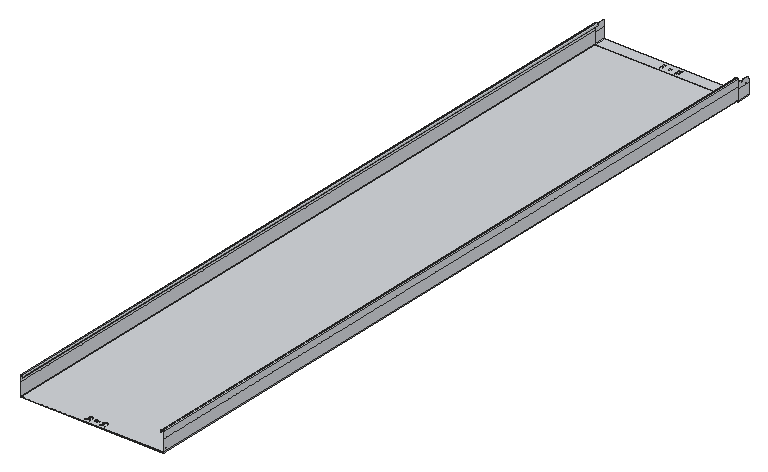
Revit family "SKSMUKabelrinne SKS-Magic® 85 ungelocht FS_FT_830_840_850_860", category Generic Models, Revit 2017
Family settings
  Can host rebar = No
  Round Connector Dimension = Use Diameter
  Part Type = Normal
  Work Plane-Based = No
  Always vertical = Yes
  Cut with Voids When Loaded = No
  Shared = No
  Room Calculation Point = No
Parameters (values of type "SKSMU 860 FT")
  Width 2 = 6.5 mm
  Width 1 = Width / 2  # 300 mm
  Width = 600 mm
  URL = "http://www.obo-bettermann.com"
  Material = Hot dip galvanised
  Manufacturer Art.No. = "6059791"
  Manufacturer = "OBO BETTERMANN"
  Length 2 = 49.812 mm
  Length 1 = 3000 mm
  Length = 3050 mm
  Height = 85 mm
  GTIN = "4012195833673"
  Cut's number = 2
  Article Type = "SKSMU 860 FT"
Types (9, lengths in mm): name | Width 1 | Width | Material | Manufacturer Art.No. | GTIN | Article Type
  (no name) | 300 | 600 | Hot dip galvanised | "6059791" | "4012195833673" | "SKSMU 860 FT"
  SKSMU 830 FS | 150 | 300 | Strip-galvanised | "6059768" | "4012195833505" | "SKSMU 830 FS"
  SKSMU 830 FT | 150 | 300 | Hot dip galvanised | "6059785" | "4012195833628" | "SKSMU 830 FT"
  SKSMU 840 FS | 200 | 400 | Strip-galvanised | "6059770" | "4012195833512" | "SKSMU 840 FS"
  SKSMU 840 FT | 200 | 400 | Hot dip galvanised | "6059787" | "4012195833635" | "SKSMU 840 FT"
  SKSMU 850 FS | 250 | 500 | Strip-galvanised | "6059772" | "4012195833529" | "SKSMU 850 FS"
  SKSMU 850 FT | 250 | 500 | Hot dip galvanised | "6059789" | "4012195833642" | "SKSMU 850 FT"
  SKSMU 860 FS | 300 | 600 | Strip-galvanised | "6059774" | "4012195833550" | "SKSMU 860 FS"
  SKSMU 860 FT | 300 | 600 | Hot dip galvanised | "6059791" | "4012195833673" | "SKSMU 860 FT"
Reference planes
  plane 1 "Center (Front/Back)": y = 0
  plane 2: z = 0
  plane 3 "Center (Left/Right)": x = 0
  plane 4: x = -31
  plane 5: x = 31
  plane 6: z = -3.5
  plane 7: y = 3050
  plane 8: z = -5.8
  plane 9: x = -31
  plane 10: x = 31
  plane 11: z = -5.8
  plane 12: x = 0.74
  plane 13: y = 3024.58
  plane 14: y = 3024.58
  plane 15: x = -31
  plane 16: x = 31
  plane 17: x = 0
  plane 18: y = 3032.58
  plane 19: y = 3016.58
  plane 20 "2": x = -5
  plane 21 "1": y = 29.1
  plane 22: y = 21.1
  plane 23: x = 6
  plane 24: x = 6
  plane 25: x = -3
  plane 26: z = 83.7
  plane 27: z = -2.3
  plane 28: z = -2.3
  plane 29: z = 74.7
  plane 30: z = 71.45
  plane 31: z = 13.2
  plane 32: y = 3035
  plane 33: y = 3035
  plane 34: z = 54.6
  plane 35: y = 3020
  plane 36: y = 3015
  plane 37: y = 3012
  plane 38: y = 3020
  plane 39: z = 47.25
  plane 40: y = 3035
  plane 41: z = 13.206
  plane 42: z = 54.6
  plane 43: y = 3035
  plane 44: y = 3047
  plane 45: y = 3020
  plane 46: y = 3020
  plane 47: y = 3015
  plane 48: y = 3012
  plane 49: y = 14.7
  plane 50: z = 14
Forms (mm)
  Extrusion 1, solid
    sketch origin (0, 0, 0) x (1, 0, 0) y (0, 0, 1)
      loop
        line (-297.715, 0) -> (297.503, 0)
        arc (297.503, 0) -> (299.269, 0.731) -> (300, 2.497) r 2.497
        line (300, 2.497) -> (300, 54.379) -> (300, 77.652)
        arc (300, 77.652) -> (294, 83.652) -> (288, 77.652) r 6
        line (288, 77.652) -> (288, 74.7) -> (289.5, 74.7) -> (289.5, 77.652)
        arc (289.5, 77.652) -> (294, 82.152) -> (298.5, 77.652) r 4.5
        line (298.5, 77.652) -> (298.5, 54.379) -> (298.5, 2.497)
        arc (298.5, 2.497) -> (298.208, 1.792) -> (297.503, 1.5) r 0.997
        line (297.503, 1.5) -> (-297.641, 1.5)
        arc (-297.641, 1.5) -> (-298.248, 1.752) -> (-298.5, 2.359) r 0.859
        line (-298.5, 2.359) -> (-298.5, 54.354) -> (-298.5, 77.765)
        arc (-298.5, 77.765) -> (-294, 82.265) -> (-289.5, 77.765) r 4.5
        line (-289.5, 77.765) -> (-289.5, 74.7) -> (-288.074, 74.7) -> (-288.074, 76.824)
        arc (-288.074, 76.824) -> (-293.528, 83.747) -> (-300, 77.765) r 6
        line (-300, 77.765) -> (-300, 54.354) -> (-300, 2.285)
        arc (-300, 2.285) -> (-299.331, 0.669) -> (-297.715, 0) r 2.285
    from 0 to -3000.188
  Extrusion 2, solid
    sketch origin (0, 0, 0) x (1, 0, 0) y (0, 0, 1)
      loop
        line (-300, 46.42) -> (-300, 71.48) -> (-302.3, 71.48) -> (-302.3, 46.45) -> (-302.3, 2.5)
        arc (-302.3, 2.5) -> (-300.894, -0.894) -> (-297.5, -2.3) r 4.8
        line (-297.5, -2.3) -> (297.5, -2.3)
        arc (297.5, -2.3) -> (300.894, -0.894) -> (302.3, 2.5) r 4.8
        line (302.3, 2.5) -> (302.3, 46.45) -> (302.3, 71.45) -> (300, 71.45) -> (300, 46.45) -> (300, 2.5)
        arc (300, 2.5) -> (299.268, 0.732) -> (297.5, 0) r 2.5
        line (297.5, 0) -> (-297.746, 0)
        arc (-297.746, 0) -> (-299.34, 0.66) -> (-300, 2.254) r 2.254
        line (-300, 2.254) -> (-300, 46.42)
    from -3050 to -3000.188
  Extrusion 3, solid
    sketch origin (0, 0, 0) x (1, 0, 0) y (0, 0, 1)
      loop
        line (-31.068, -5.761) -> (-21.09, 0) -> (-25.554, 0) -> (-31, -3.144) -> (-36.446, 0) -> (-41.046, 0) -> (-31.068, -5.761)
      loop
        line (31, -5.8) -> (41.046, 0) -> (36.446, 0) -> (31, -3.144) -> (25.554, 0) -> (20.954, 0) -> (31, -5.8)
    from -36.35 to -29.85
  Extrusion 4, solid
    sketch origin (0, 0, 0) x (1, 0, 0) y (0, 0, 1)
      loop
        line (-41.046, 0) -> (-31.068, -5.761) -> (-21.09, 0) -> (-25.554, 0) -> (-31, -3.144) -> (-36.446, 0) -> (-41.046, 0)
      loop
        line (20.954, 0) -> (31, -5.8) -> (41.046, 0) -> (36.446, 0) -> (31, -3.144) -> (25.554, 0) -> (20.954, 0)
    from -20.3 to -13.8
  Extrusion 5, void
    sketch origin (0, 0, 0) x (1, 0, 0) y (0, 1, 0)
      loop
        line (-36.446, 36.35) -> (-36.446, 29.85) -> (-25.554, 29.85) -> (-25.554, 36.35) -> (-36.446, 36.35)
      loop
        line (-36.446, 20.3) -> (-36.446, 13.8) -> (-25.554, 13.8) -> (-25.554, 20.3) -> (-36.446, 20.3)
      loop
        line (25.554, 36.35) -> (25.554, 29.85) -> (36.446, 29.85) -> (36.446, 36.35) -> (25.554, 36.35)
      loop
        line (25.554, 20.3) -> (25.554, 13.8) -> (36.446, 13.8) -> (36.446, 20.3) -> (25.554, 20.3)
    from 0 to 1.5
  Extrusion 6, void
    sketch origin (0, 0, 0) x (1, 0, 0) y (0, 1, 0)
      loop
        line (-7.26, 3028.08) -> (-7.26, 3021.08) -> (8.74, 3021.08) -> (8.74, 3028.08) -> (-7.26, 3028.08)
    from -2.3 to 0
  Extrusion 7, void
    sketch origin (0, 0, 0) x (1, 0, 0) y (0, 1, 0)
      loop
        line (23, 3036.38) -> (23, 3028.78) -> (39, 3028.78) -> (39, 3036.38) -> (23, 3036.38)
      loop
        line (23, 3020.341) -> (23, 3012.741) -> (39, 3012.741) -> (39, 3020.341) -> (23, 3020.341)
      loop
        line (-39, 3036.38) -> (-39, 3028.78) -> (-23, 3028.78) -> (-23, 3036.38) -> (-39, 3036.38)
      loop
        line (-39, 3020.341) -> (-39, 3012.741) -> (-23, 3012.741) -> (-23, 3020.341) -> (-39, 3020.341)
    from -2.3 to 0
  Extrusion 8, void
    sketch origin (0, 0, 0) x (1, 0, 0) y (0, 1, 0)
      loop
        arc (-6, 30.1) -> (-6.707, 29.807) -> (-7, 29.1) r 1
        line (-7, 29.1) -> (-7, 21.1)
        arc (-7, 21.1) -> (-6.707, 20.393) -> (-6, 20.1) r 1
        line (-6, 20.1) -> (6.045, 20.1)
        arc (6.045, 20.1) -> (7.064, 21.118) -> (6.045, 22.137) r 1.018
        line (6.045, 22.137) -> (-3.101, 23.098)
        arc (-3.101, 23.098) -> (-5, 25.276) -> (-2.758, 27.1) r 2.009
        line (-2.758, 27.1) -> (6.086, 28.111)
        arc (6.086, 28.111) -> (6.968, 29.159) -> (5.972, 30.1) r 0.997
        line (5.972, 30.1) -> (-6, 30.1)
    from 0 to 1.5
  Extrusion 9, void
    sketch origin (0, 0, 0) x (0, 1, 0) y (0, 0, 1)
      loop
        line (3031.5, 19.2) -> (3031.5, 7.2) -> (3038.5, 7.2) -> (3038.5, 19.2) -> (3031.5, 19.2)
    from -302.3 to -300
  Extrusion 10, void
    sketch origin (0, 0, 0) x (0, 1, 0) y (0, 0, 1)
      loop
        line (3040, 54.6) -> (3030, 54.6) -> (3030, 50.586) -> (3040, 50.586) -> (3040, 54.6)
    from -302.3 to -300
  Extrusion 11, void
    sketch origin (0, 0, 0) x (0, 1, 0) y (0, 0, 1)
      loop
        line (3050, 71.48) -> (3046.962, 71.48) -> (3050, 63.132) -> (3050, 71.48)
    from -302.3 to -300
  Extrusion 12, void
    sketch origin (0, 0, 0) x (0, 1, 0) y (0, 0, 1)
      loop
        line (3020, 71.48) -> (3020, 63.228) -> (3023.004, 71.48) -> (3020, 71.48)
    from -302.3 to -300
  Extrusion 13, void
    sketch origin (0, 0, 0) x (0, 1, 0) y (0, 0, 1)
      loop
        line (3012, 71.48) -> (3015, 63.238) -> (3015, 71.48) -> (3012, 71.48)
    from -302.3 to -300
  Extrusion 14, void
    sketch origin (0, 0, 0) x (0, 1, 0) y (0, 0, 1)
      loop
        line (3015, 71.48) -> (3015, 47.25) -> (3020, 47.25) -> (3020, 71.48) -> (3015, 71.48)
    from -302.3 to -300
  Extrusion 15, void
    sketch origin (0, 0, 0) x (0, 1, 0) y (0, 0, 1)
      loop
        line (3031.5, 19.2) -> (3031.5, 7.2) -> (3038.5, 7.2) -> (3038.5, 19.2) -> (3031.5, 19.2)
    from 300 to 302.3
  Extrusion 16, void
    sketch origin (0, 0, 0) x (0, 1, 0) y (0, 0, 1)
      loop
        line (3030, 54.6) -> (3030, 50.6) -> (3040, 50.6) -> (3040, 54.6) -> (3030, 54.6)
    from 300 to 302.3
  Extrusion 17, void
    sketch origin (0, 0, 0) x (0, 1, 0) y (0, 0, 1)
      loop
        line (3050.001, 71.45) -> (3046.956, 71.45) -> (3050.001, 63.083) -> (3050.001, 71.45)
    from 300 to 302.3
  Extrusion 18, void
    sketch origin (0, 0, 0) x (0, 1, 0) y (0, 0, 1)
      loop
        line (3020, 71.45) -> (3020, 63.071) -> (3023.05, 71.45) -> (3020, 71.45)
    from 300 to 302.3
  Extrusion 19, void
    sketch origin (0, 0, 0) x (0, 1, 0) y (0, 0, 1)
      loop
        line (3015.008, 71.45) -> (3012, 71.45) -> (3015.008, 63.186) -> (3015.008, 71.45)
    from 300 to 302.3
  Extrusion 20, void
    sketch origin (0, 0, 0) x (0, 1, 0) y (0, 0, 1)
      loop
        line (3015, 71.45) -> (3015, 47.25) -> (3020, 47.25) -> (3020, 71.45) -> (3015, 71.45)
    from 300 to 302.3
  Extrusion 21, void
    sketch origin (0, 0, 0) x (0, 1, 0) y (0, 0, 1)
      loop
        line (7.2, 17.5) -> (7.2, 10.5) -> (22.2, 10.5) -> (22.2, 17.5) -> (7.2, 17.5)
    from 298.5 to 300
Cuts and joins
  Extrusion 5, Extrusion 8, Extrusion 21 cuts Extrusion 1
  Extrusion 6, Extrusion 7, Extrusion 9, Extrusion 10, Extrusion 11, Extrusion 12, Extrusion 13, Extrusion 14, Extrusion 15, Extrusion 16, Extrusion 17, Extrusion 18, Extrusion 19, Extrusion 20 cuts Extrusion 2
Dimensions and locks
  plane 3 "Center (Left/Right)" to plane 4 = 31 mm
  plane 5 to plane 3 "Center (Left/Right)" = 31 mm
  Extrusion 1 sketch curve to plane 6 = 3.5 mm
  "Width": Extrusion 1 sketch curve to Extrusion 1 sketch curve
  "Width 1": plane 3 "Center (Left/Right)" to Extrusion 1 sketch curve
  "Length": plane 1 "Center (Front/Back)" to plane 7
  locked: Extrusion 2 sketch curve to Extrusion 1 at 2.3  (x2)
  locked: Extrusion 2 to Extrusion 2 at 49.812
  locked: Extrusion 2 to plane 8 at 3.5
  locked: plane 3 "Center (Left/Right)" to plane 9 at 31
  locked: plane 10 to plane 3 "Center (Left/Right)" at 31
  "Width 2": Extrusion 3 to Extrusion 3
  locked: Extrusion 3 sketch curve to Extrusion 3 sketch curve at 2.232
  locked: Extrusion 3 sketch curve to Extrusion 3 sketch curve at 2.3  (x3)
  locked: Extrusion 3 to Extrusion 3 at 2.3  (x3)
  locked: Extrusion 3 to Extrusion 3 at 2.232
  locked: Extrusion 2 to plane 11 at 3.5
  locked: plane 3 "Center (Left/Right)" to Extrusion 4 sketch curve at 31.068
  locked: Extrusion 4 sketch curve to plane 3 "Center (Left/Right)" at 31
  "Width 2": Extrusion 4 to Extrusion 4
  locked: plane 7 to plane 13 at 25.42
  locked: Extrusion 6 sketch curve to Extrusion 6 sketch curve at 7
  locked: Extrusion 6 sketch curve to Extrusion 6 sketch curve at 16
  locked: plane 13 to Extrusion 6 sketch curve at 3.5
  locked: Extrusion 6 sketch curve to plane 12 at 8
  locked: plane 7 to plane 14 at 25.42
  locked: plane 15 to plane 17 at 31
  locked: plane 17 to plane 16 at 31
  locked: plane 18 to plane 14 at 8
  locked: plane 14 to plane 19 at 8
  locked: Extrusion 7 sketch curve to Extrusion 7 sketch curve at 7.6  (x2)
  locked: plane 18 to Extrusion 7 sketch curve at 3.8
  locked: Extrusion 7 sketch curve to Extrusion 7 sketch curve at 16  (x2)
  locked: plane 16 to Extrusion 7 sketch curve at 8
  locked: plane 19 to Extrusion 7 sketch curve at 3.761
  locked: plane 15 to Extrusion 7 sketch curve at 8
  locked: Extrusion 8 sketch curve to plane 3 "Center (Left/Right)" at 7
  locked: Extrusion 8 sketch curve to Extrusion 8 sketch curve at 10
  locked: Extrusion 8 sketch curve to Extrusion 8 sketch curve at 14.064
  locked: Extrusion 8 sketch curve to Extrusion 8 sketch curve at 13.97
  locked: Extrusion 8 sketch curve to plane 3 "Center (Left/Right)" at 5.007
  plane 26 to plane 28 = 86 mm
  locked: Extrusion 1 sketch curve to Extrusion 1 sketch curve at 11.926
  locked: Extrusion 1 sketch curve to Extrusion 1 sketch curve at 12
  locked: cut or joined group 1 (Extrusion 2, Extrusion 6, Extrusion 7, Extrusion 9, Extrusion 10, Extrusion 11, Extrusion 12, Extrusion 13, Extrusion 14, Extrusion 15, Extrusion 16, Extrusion 17, Extrusion 18, Extrusion 19, Extrusion 20) to plane 30 at 73.75
  locked: cut or joined group 1 to plane 31 at 15.5
  locked: plane 32 to cut or joined group 1 at 15
  locked: Extrusion 9 sketch curve to Extrusion 9 sketch curve at 7
  locked: Extrusion 9 sketch curve to Extrusion 9 sketch curve at 12
  locked: plane 31 to Extrusion 9 sketch curve at 6
  locked: Extrusion 9 sketch curve to plane 32 at 3.5
  locked: plane 33 to cut or joined group 1 at 15
  locked: plane 34 to cut or joined group 1 at 54.6  (x2)
  locked: cut or joined group 1 to Extrusion 11 sketch curve at 8.318
  locked: Extrusion 11 sketch curve to Extrusion 11 sketch curve at 3.038
  locked: Extrusion 12 sketch curve to Extrusion 12 sketch curve at 3.004
  locked: cut or joined group 1 to Extrusion 12 sketch curve at 8.222
  locked: plane 38 to plane 7 at 30
  locked: plane 36 to plane 38 at 5
  locked: plane 37 to plane 36 at 3
  locked: Extrusion 13 sketch curve to Extrusion 13 sketch curve at 3
  locked: cut or joined group 1 to Extrusion 13 sketch curve at 8.212
  locked: plane 39 to cut or joined group 1 at 47.25
  locked: cut or joined group 1 to Extrusion 14 sketch curve at 24.2
  locked: Extrusion 14 sketch curve to Extrusion 14 sketch curve at 5
  locked: plane 40 to cut or joined group 1 at 15
  locked: cut or joined group 1 to plane 41 at 15.506
  locked: cut or joined group 1 to cut or joined group 1 at 7
  locked: cut or joined group 1 to plane 40 at 3.5
  locked: cut or joined group 1 to cut or joined group 1 at 12
  locked: cut or joined group 1 to plane 41 at 5.994
  locked: plane 42 to cut or joined group 1 at 54.6
  locked: plane 43 to cut or joined group 1 at 15
  locked: Extrusion 16 sketch curve to Extrusion 16 sketch curve at 4
  locked: Extrusion 16 sketch curve to Extrusion 16 sketch curve at 10
  locked: plane 43 to Extrusion 16 sketch curve at 5
  locked: Extrusion 10 sketch curve to Extrusion 10 sketch curve at 10
  Extrusion 10 sketch curve to plane 33 = 5 mm
  cut or joined group 1 to cut or joined group 1 = 4 mm  (x2)
  locked: cut or joined group 1 to Extrusion 17 sketch curve at 8.367
  locked: Extrusion 17 sketch curve to Extrusion 17 sketch curve at 3.045
  locked: plane 45 to plane 7 at 30
  locked: Extrusion 18 sketch curve to Extrusion 18 sketch curve at 3.05
  locked: cut or joined group 1 to Extrusion 18 sketch curve at 8.379
  locked: plane 46 to plane 7 at 30
  locked: plane 47 to plane 46 at 5
  locked: plane 48 to plane 7 at 38
  locked: cut or joined group 1 to cut or joined group 1 at 24.2
  locked: cut or joined group 1 to cut or joined group 1 at 5
  locked: Extrusion 21 sketch curve to Extrusion 21 sketch curve at 15
  locked: Extrusion 21 sketch curve to plane 49 at 7.5
  locked: Extrusion 21 sketch curve to Extrusion 21 sketch curve at 7
  locked: plane 50 to Extrusion 21 sketch curve at 3.5
  cut or joined group of Extrusion 1, Extrusion 5, Extrusion 8, Extrusion 21 to Extrusion 4 = 10.5 mm
  locked: Extrusion 3 sketch curve to Extrusion 3 sketch curve (angle 120.00°)  (x2)
  locked: Extrusion 3 to Extrusion 3 (angle 120.00°)  (x2)
  aligned and locked: level to plane 2
  aligned and locked: Extrusion 1 to level
  aligned and locked: Extrusion 1 to Extrusion 2 sketch curve  (x2)
  aligned and locked: Extrusion 2 sketch curve to level
  aligned and locked: plane 7 to Extrusion 2
  aligned and locked: Extrusion 2 to Extrusion 1
  aligned and locked: level to Extrusion 3 sketch curve  (x2)
  aligned and locked: Extrusion 3 sketch curve to plane 2  (x2)
  aligned and locked: Extrusion 3 to Extrusion 1  (x4)
  aligned and locked: Extrusion 4 sketch curve to level  (x4)
  aligned and locked: Extrusion 4 to Extrusion 1  (x4)
  aligned and locked: Extrusion 5 sketch curve to Extrusion 3  (x7)
  aligned and locked: Extrusion 5 sketch curve to Extrusion 4  (x8)
  aligned and locked: Extrusion 5 to level
  aligned and locked: Extrusion 2 to Extrusion 6
  aligned and locked: level to Extrusion 6
  aligned and locked: Extrusion 7 sketch curve to Extrusion 7 sketch curve  (x8)
  aligned and locked: Extrusion 2 to Extrusion 7
  aligned and locked: level to Extrusion 7
  aligned and locked: Extrusion 8 to level
  aligned and locked: Extrusion 1 to Extrusion 8
  aligned and locked: Extrusion 5 to Extrusion 8
  aligned and locked: plane 28 to plane 27
  aligned and locked: plane 29 to Extrusion 1 sketch curve
  aligned and locked: Extrusion 1 to cut or joined group 1  (x3)
  aligned and locked: cut or joined group 1 to Extrusion 1
  aligned and locked: Extrusion 2 to Extrusion 9  (x2)
  aligned and locked: Extrusion 10 to Extrusion 2
  aligned and locked: Extrusion 2 to Extrusion 10
  aligned and locked: Extrusion 11 to Extrusion 2
  aligned and locked: Extrusion 2 to Extrusion 11
  aligned and locked: Extrusion 12 to Extrusion 2
  aligned and locked: Extrusion 2 to Extrusion 12
  aligned and locked: Extrusion 13 to Extrusion 2
  aligned and locked: Extrusion 2 to Extrusion 13
  aligned and locked: Extrusion 14 to Extrusion 2
  aligned and locked: Extrusion 2 to Extrusion 14
  aligned and locked: Extrusion 2 to Extrusion 15  (x2)
  aligned and locked: Extrusion 2 to Extrusion 16
  aligned and locked: Extrusion 16 to Extrusion 2
  aligned and locked: Extrusion 17 to Extrusion 2
  aligned and locked: Extrusion 2 to Extrusion 17
  aligned and locked: Extrusion 18 to Extrusion 2
  aligned and locked: Extrusion 2 to Extrusion 18
  aligned and locked: plane 30 to Extrusion 19 sketch curve
  aligned and locked: Extrusion 19 to Extrusion 2
  aligned and locked: Extrusion 2 to Extrusion 19
  aligned and locked: Extrusion 20 to Extrusion 2
  aligned and locked: Extrusion 2 to Extrusion 20
  aligned and locked: Extrusion 1 to Extrusion 21  (x2)
Automatic sketch dimensions
  Extrusion 3 sketch curve to plane 9 = 0 mm
  Extrusion 3 sketch curve to plane 10 = 0 mm  (x2)
  Extrusion 3 sketch curve to plane 8 = 0 mm
  plane 8 to Extrusion 3 sketch curve = 0.039 mm
  Extrusion 3 sketch curve to plane 9 = 0.068 mm
  Extrusion 4 sketch curve to Extrusion 4 sketch curve = 4.6 mm  (x3)
  Extrusion 4 sketch curve to level = 5.761 mm
  Extrusion 4 sketch curve to Extrusion 4 sketch curve = 5.378 mm
  Extrusion 4 sketch curve to level = 3.144 mm  (x2)
  Extrusion 4 sketch curve to Extrusion 4 sketch curve = 0.068 mm
  Extrusion 4 sketch curve to Extrusion 4 sketch curve = 5.446 mm  (x3)
  Extrusion 4 sketch curve to Extrusion 4 sketch curve = 4.464 mm
  Extrusion 4 sketch curve to level = 5.8 mm
  Extrusion 4 sketch curve to Extrusion 4 sketch curve = 0 mm
  Extrusion 8 sketch curve to plane 21 "1" = 0 mm
  Extrusion 8 sketch curve to plane 22 = 0 mm
  Extrusion 8 sketch curve to plane 25 = 0.101 mm
  plane 25 to Extrusion 8 sketch curve = 0.003 mm
  Extrusion 8 sketch curve to plane 23 = 0.028 mm
  plane 23 to Extrusion 8 sketch curve = 0.086 mm
  Extrusion 8 sketch curve to plane 22 = 0.018 mm
  Extrusion 8 sketch curve to plane 20 "2" = 1 mm
  plane 25 to Extrusion 8 sketch curve = 0.242 mm
  Extrusion 2 sketch curve to Extrusion 2 sketch curve = 0.246 mm  (x2)
  Extrusion 2 sketch curve to Extrusion 2 sketch curve = 0 mm  (x2)
  level to Extrusion 2 sketch curve = 2.254 mm
  Extrusion 2 sketch curve to Extrusion 2 sketch curve = 2.5 mm
  Extrusion 2 sketch curve to Extrusion 2 sketch curve = 25.03 mm
  Extrusion 2 sketch curve to plane 30 = 25 mm
  Extrusion 2 sketch curve to Extrusion 2 sketch curve = 0.03 mm
  Extrusion 2 sketch curve to plane 30 = 0 mm
  plane 30 to Extrusion 2 sketch curve = 0.03 mm
  Extrusion 11 sketch curve to plane 7 = 0 mm
  plane 30 to Extrusion 11 sketch curve = 0.03 mm
  Extrusion 12 sketch curve to plane 35 = 0 mm
  plane 30 to Extrusion 12 sketch curve = 0.03 mm
  Extrusion 13 sketch curve to plane 36 = 0 mm
  plane 30 to Extrusion 13 sketch curve = 0.03 mm
  Extrusion 14 sketch curve to plane 7 = 35 mm
  plane 30 to Extrusion 14 sketch curve = 0.03 mm
  Extrusion 15 sketch curve to plane 40 = 3.5 mm
  plane 40 to Extrusion 15 sketch curve = 3.5 mm
  Extrusion 15 sketch curve to plane 41 = 6.006 mm
  Extrusion 10 sketch curve to plane 34 = 0 mm
  Extrusion 10 sketch curve to Extrusion 10 sketch curve = 4.014 mm
  Extrusion 16 sketch curve to plane 42 = 0 mm
  plane 7 to Extrusion 17 sketch curve = 0.001 mm
  plane 30 to Extrusion 17 sketch curve = 0 mm
  Extrusion 18 sketch curve to plane 45 = 0 mm
  Extrusion 18 sketch curve to plane 30 = 0 mm
  Extrusion 19 sketch curve to plane 48 = 0 mm
  Extrusion 19 sketch curve to plane 47 = 0.008 mm
  Extrusion 19 sketch curve to plane 30 = 8.264 mm
  Extrusion 20 sketch curve to plane 30 = 0 mm
  Extrusion 20 sketch curve to plane 7 = 30 mm
  Extrusion 20 sketch curve to Extrusion 20 sketch curve = 5 mm
  plane 41 to Extrusion 15 sketch curve = 5.994 mm
  Extrusion 20 sketch curve to plane 30 = 24.2 mm
  Extrusion 5 sketch curve to Extrusion 5 sketch curve = 6.5 mm
  Extrusion 1 sketch curve to Extrusion 1 sketch curve = 0 mm  (x8)
  Extrusion 1 sketch curve to plane 29 = 0 mm
  Extrusion 1 sketch curve to Extrusion 1 sketch curve = 1.5 mm  (x2)
  Extrusion 1 sketch curve to Extrusion 1 sketch curve = 0.785 mm
  Extrusion 1 sketch curve to Extrusion 1 sketch curve = 0.074 mm
  plane 29 to Extrusion 1 sketch curve = 3.065 mm
  Extrusion 1 sketch curve to Extrusion 1 sketch curve = 4.5 mm
  Extrusion 1 sketch curve to Extrusion 1 sketch curve = 0.997 mm
  Extrusion 1 sketch curve to plane 30 = 17.096 mm
  Extrusion 1 sketch curve to plane 30 = 17.071 mm
  plane 29 to Extrusion 1 sketch curve = 2.952 mm
